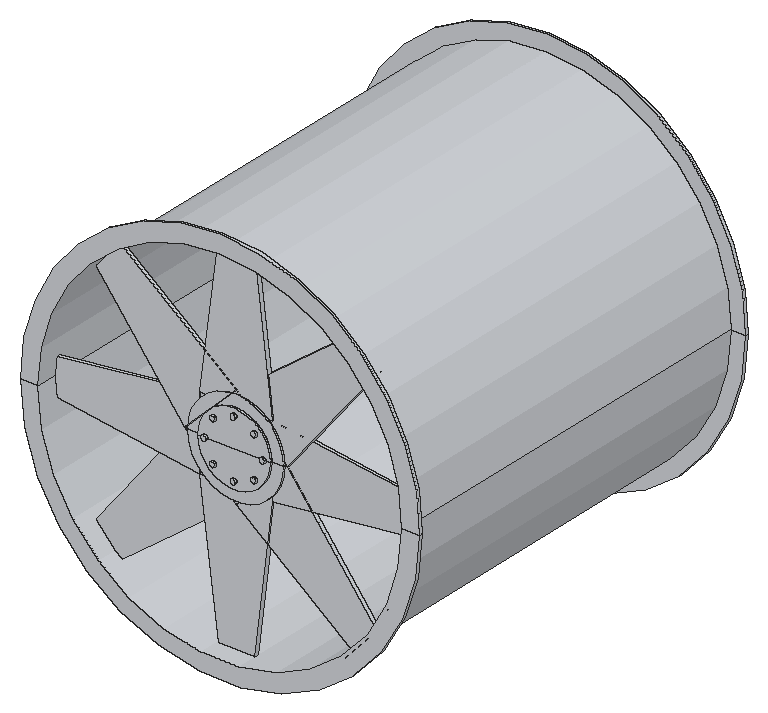
Revit family "CADS_Vent-Axia_MechEquip_Fan_BIFA_710_3Ph4P - EXTRACT", category Mechanical Equipment, Revit 2020
Family settings
  Round Connector Dimension = Use Diameter
  Part Type = Normal
  OmniClass Number = 23.75.00.00
  OmniClass Title = Climate Control (HVAC)
  Work Plane-Based = No
  Always vertical = Yes
  Cut with Voids When Loaded = No
  Shared = No
  Room Calculation Point = No
Parameters (values of type "BIFA713440")
  WorkingPressure = 0.0 Pa
  WarrantyStartDate [instance] = "1900-12-31T23:59:59"
  WarrantyPeriod = ""
  WarrantyIdentifier = "N/A"
  WarrantyGuarantorParts = "tech@vent-axia.com"
  WarrantyGuarantorLabor = "tech@vent-axia.com"
  WarrantyGuarantor = "Vent-Axia Limited"
  WarrantyEndDate [instance] = "1900-12-31T23:59:59"
  WarrantyContent = ""
  TemperatureRange = ""
  TagNumber [instance] = "N/A"
  SustainabilityPerformance = ""
  Status = "New"
  Size = ""
  Shape = ""
  ServiceLifeType = ""
  ServiceLifeDuration = ""
  SerialNumber [instance] = "N/A"
  ReplacementCost = ""
  RatedVoltage = 0 V
  RatedCurrent = 0 A
  Quantity = 1
  ProductionYear = ""
  PressureCurve = ""
  PowerFactor = ""
  PointOfContact = ""
  NumberOfPoles = 0
  NominalWidth = 710 mm
  NominalLength = 800 mm
  NominalHeight = 710 mm
  NominalFrequencyRange = ""
  NominalDiameter = 710 mm
  ModelReference = "BIF 710MM 3PH 4P 40DEG"
  ModelNumber = "BIFA713440"
  Material = ""
  ManufacturerE-Mail = "tech@vent-axia.com"
  ManufacturerAddress = "Fleming Way\nCrawley \nRH10 9YX"
  IsExtendedWarranty = no
  InsulationStandardClass = ""
  InstallationDate [instance] = "1900-12-31T23:59:59"
  IfcExportType [instance] = ""
  IfcExportAs = "IfcFanType"
  IP_Code = ""
  HasProtectiveEarth = no
  GrossWeight = 0.00 kg
  Grade = ""
  GlobalTradeItemNumber [instance] = "N/A"
  Fitting Type = "Ignore"
  Finish = ""
  Features = ""
  ExteriorInsulation = no
  ExpectedServiceLife = 0
  Exclusions = ""
  DurationUnit = "Year"
  Default Elevation = 0 mm
  Constituents = ""
  ConductorFunction = ""
  Color = ""
  CodePerformance = ""
  Category = ""
  CADS_Usage = 0
  CADS_Index = 0
  AssetType = "FIXED"
  AssetIdentifier [instance] = "N/A"
  AssemblyPlace = "UNKNOWN"
  ArticleNumber [instance] = "N/A"
  AirflowRateRange = 0.0 L/s
  Air Flow [instance] = 0.0 L/s
  AccessibilityPerformance = ""
Types (16, lengths in mm): name | ModelReference | ModelNumber
  BIFA713410 | "BIF 710MM 3PH 4P 10DEG" | "BIFA713410"
  BIFA713412 | "BIF 710MM 3PH 4P 12DEG" | "BIFA713412"
  BIFA713414 | "BIF 710MM 3PH 4P 14DEG" | "BIFA713414"
  BIFA713416 | "BIF 710MM 3PH 4P 16DEG" | "BIFA713416"
  BIFA713418 | "BIF 710MM 3PH 4P 18DEG" | "BIFA713418"
  BIFA713420 | "BIF 710MM 3PH 4P 20DEG" | "BIFA713420"
  BIFA713422 | "BIF 710MM 3PH 4P 22DEG" | "BIFA713422"
  BIFA713424 | "BIF 710MM 3PH 4P 24DEG" | "BIFA713424"
  BIFA713426 | "BIF 710MM 3PH 4P 26DEG" | "BIFA713426"
  BIFA713428 | "BIF 710MM 3PH 4P 28DEG" | "BIFA713428"
  BIFA713430 | "BIF 710MM 3PH 4P 30DEG" | "BIFA713430"
  BIFA713432 | "BIF 710MM 3PH 4P 32DEG" | "BIFA713432"
  BIFA713434 | "BIF 710MM 3PH 4P 34DEG" | "BIFA713434"
  BIFA713436 | "BIF 710MM 3PH 4P 36DEG" | "BIFA713436"
  BIFA713438 | "BIF 710MM 3PH 4P 38DEG" | "BIFA713438"
  BIFA713440 | "BIF 710MM 3PH 4P 40DEG" | "BIFA713440"
Reference planes
  plane 1 "Center (Front/Back)": y = 0
  plane 2: z = 0
  plane 3 "Center (Left/Right)": x = 0
  plane 4: x = -355
  plane 5: x = 355
  plane 6 "F": y = -400
  plane 7 "B": y = 400
  plane 8: x = -390
  plane 9: y = 395
  plane 10: y = -395
  plane 11: x = -360
  plane 12: y = -360
Forms (mm)
  Revolve 1, solid
    sketch origin (0, 0, 0) x (1, 0, 0) y (0, 1, 0)
      loop
        line (-390, -400) -> (-355, -400) -> (-355, 400) -> (-390, 400) -> (-390, 395) -> (-360, 395) -> (-360, -395) -> (-390, -395) -> (-390, -400)
      axis (0, 400) -> (0, -400)
    angle from 0 to 360
Dimensions and locks
  equal spacing: plane 4, plane 3 "Center (Left/Right)", plane 5
  equal spacing: plane 7 "B", plane 1 "Center (Front/Back)", plane 6 "F"
  "NominalLength": plane 7 "B" to plane 6 "F"
  "NominalDiameter": plane 4 to plane 5
  locked: plane 11 to plane 4 at 5
  locked: plane 8 to plane 11 at 30
  locked: plane 6 "F" to plane 10 at 5
  locked: plane 7 "B" to plane 9 at 5
  locked: plane 6 "F" to plane 12 at 40
  aligned and locked: level to plane 2
  aligned and locked: nested 1 to plane 12
Automatic sketch dimensions
  plane 6 "F" to Revolve 1 sketch curve = 0 mm
  Revolve 1 sketch curve to plane 8 = 0 mm  (x2)
  plane 10 to Revolve 1 sketch curve = 0 mm
  Revolve 1 sketch curve to plane 11 = 0 mm
  Revolve 1 sketch curve to plane 4 = 0 mm
  Revolve 1 sketch curve to plane 3 "Center (Left/Right)" = 0 mm
  plane 1 "Center (Front/Back)" to Revolve 1 sketch curve = 0 mm
  Revolve 1 sketch curve to plane 9 = 0 mm
  Revolve 1 sketch curve to plane 7 "B" = 0 mm
  plane 6 "F" to Revolve 1 sketch curve = 115 mm
Nested families
  nested 1: "Fan for BIFA" at (0, -360, 0), ND <- "NominalDiameter", type "Fan for BIFA"
    with hub 71 mm, ND 710 mm, BoltPCD 56.8 mm, Bolt Count 8, B_Diam 10 mm
  nested 2: "Bolts" at (0, -369.172, -56.8) x (-1, 0, 0) z (0, 1, 0), type "Bolts"
    with bd 10 mm
  nested 3: "Bolts" at (-40.164, -369.172, -40.164) x (-0.7071, 0, 0.7071) z (0, 1, 0), type "Bolts"
    with bd 10 mm
  nested 4: "Bolts" at (-56.8, -369.172, 0) x (0, 0, 1) z (0, 1, 0), type "Bolts"
    with bd 10 mm
  nested 5: "Bolts" at (-40.164, -369.172, 40.164) x (0.7071, 0, 0.7071) z (0, 1, 0), type "Bolts"
    with bd 10 mm
  nested 6: "Bolts" at (40.164, -369.172, 40.164) x (0.7071, 0, -0.7071) z (0, 1, 0), type "Bolts"
    with bd 10 mm
  nested 7: "Bolts" at (0, -369.172, 56.8) x (1, 0, 0) z (0, 1, 0), type "Bolts"
    with bd 10 mm
  nested 8: "BIFA Blade" at (0, -360, 0), type "BIFA Blade"
    with a 20.00°, HR 71 mm, HD 142 mm, BT 71 mm, BR 284 mm, BH 40 mm, BD 710 mm, BB 142 mm
  nested 9: "BIFA Blade" at (0, -360, 0) x (0.7071, 0, -0.7071) z (0.7071, 0, 0.7071), type "BIFA Blade"
    with a 20.00°, HR 71 mm, HD 142 mm, BT 71 mm, BR 284 mm, BH 40 mm, BD 710 mm, BB 142 mm
  nested 10: "BIFA Blade" at (0, -360, 0) x (0, 0, -1) z (1, 0, 0), type "BIFA Blade"
    with a 20.00°, HR 71 mm, HD 142 mm, BT 71 mm, BR 284 mm, BH 40 mm, BD 710 mm, BB 142 mm
  nested 11: "BIFA Blade" at (0, -360, 0) x (-0.7071, 0, -0.7071) z (0.7071, 0, -0.7071), type "BIFA Blade"
    with a 20.00°, HR 71 mm, HD 142 mm, BT 71 mm, BR 284 mm, BH 40 mm, BD 710 mm, BB 142 mm
  nested 12: "BIFA Blade" at (0, -360, 0) x (-1, 0, 0) z (0, 0, -1), type "BIFA Blade"
    with a 20.00°, HR 71 mm, HD 142 mm, BT 71 mm, BR 284 mm, BH 40 mm, BD 710 mm, BB 142 mm
  nested 13: "BIFA Blade" at (0, -360, 0) x (-0.7071, 0, -0.7071) z (-0.7071, 0, 0.7071), type "BIFA Blade"
    with a 20.00°, HR 71 mm, HD 142 mm, BT 71 mm, BR 284 mm, BH 40 mm, BD 710 mm, BB 142 mm
  nested 14: "BIFA Blade" at (0, -360, 0) x (0, 0, -1) z (-1, 0, 0), type "BIFA Blade"
    with a 20.00°, HR 71 mm, HD 142 mm, BT 71 mm, BR 284 mm, BH 40 mm, BD 710 mm, BB 142 mm
  nested 15: "BIFA Blade" at (0, -360, 0) x (0.7071, 0, -0.7071) z (-0.7071, 0, -0.7071), type "BIFA Blade"
    with a 20.00°, HR 71 mm, HD 142 mm, BT 71 mm, BR 284 mm, BH 40 mm, BD 710 mm, BB 142 mm
  nested 16: "Bolts" at (56.8, -369.172, 0) x (0, 0, -1) z (0, 1, 0), type "Bolts"
    with bd 10 mm
  nested 17: "Bolts" at (40.164, -369.172, -40.164) x (-0.7071, 0, -0.7071) z (0, 1, 0), type "Bolts"
    with bd 10 mm
Connectors
  hvac at (0, -400, 0), driven by "NominalDiameter", driven by "Air Flow"
    settings: on Revolve 1, index 1, duct flow 0.0 L/s, flow factor 0, pres drop 0.0 Pa, loss coef 0, conn angle 0.00°, conn width 304.8 mm, conn height 304.8 mm, conn diameter 710 mm, duct sys type 2, conn prof type 0, flow config 0, flow direction 1, loss method 0, conn ref index -1, conn util no, is conn primary yes, conn desc ""
  hvac at (0, 400, 0), driven by "NominalDiameter", driven by "Air Flow"
    settings: on Revolve 1, index 2, duct flow 0.0 L/s, flow factor 0, pres drop 0.0 Pa, loss coef 0, conn angle 0.00°, conn width 304.8 mm, conn height 304.8 mm, conn diameter 710 mm, duct sys type 3, conn prof type 0, flow config 1, flow direction 2, loss method 0, conn ref index -1, conn util no, is conn primary no, conn desc ""
Definition of nested family "Fan for BIFA"
  Parameters (values of type "Fan for BIFA")
    hub [instance] = ND / 10  # 50 mm
    ND [instance] = 500 mm
    Model = "."
    Default Elevation = 0 mm
    BoltPCD [instance] = hub - (hub * 0.2)  # 40 mm
    Bolt Count [instance] = if(hub < 50 mm, 6, 8)  # 8
    B_Diam [instance] = if(hub < 50 mm, 5 mm, 10 mm)  # 10 mm
  Reference planes
    plane 1 "Center (Front/Back)": y = 0
    plane 2: z = 0
    plane 3 "Center (Left/Right)": x = 0
    plane 4 "back": y = 20
    plane 5 "bolts": y = -9.172
    plane 6 "B": z = 50
    plane 7: x = -72.587
    plane 8: x = -50
    plane 9 "hubface": y = -6.172
  Forms (mm)
    Revolve 1, solid
      sketch origin (0, 0, 0) x (1, 0, 0) y (0, 1, 0)
        loop
          line (0, 20) -> (-50, 20) -> (-50, 10.504) -> (-72.587, 10.504) -> (-72.587, -2.597) -> (-50, -2.597) -> (-50, -6.172) -> (0, -6.172) -> (0, 20)
        axis (0, 20) -> (0, -6.172)
      angle from 0 to 360
    Extrusion 2, solid, not visible
      sketch origin (0, -6.347, -4) x (-1, 0, 0) y (0, 0, 1)
        loop
          circle (0, 84) r 5
      from 0 to 3
  Lines and regions (mm)
    symbolic lines
      curve 1: circle (0, -9.172, 0) r 40 normal (0, 1, 0)
    model lines, not visible
      curve 2: line (0, -6.347, 85) -> (0, -6.347, 75)
  Dimensions and locks
    "hub": plane 6 "B" to plane 2
    "hub": nested 3 to plane 3 "Center (Left/Right)"
    "hub": nested 4 to plane 3 "Center (Left/Right)"
    "hub": nested 5 to plane 3 "Center (Left/Right)"
    "hub": plane 3 "Center (Left/Right)" to nested 6
    "hub": Revolve 1 sketch curve to Revolve 1 sketch curve
    "hub": plane 3 "Center (Left/Right)" to nested 7
    "hub": plane 3 "Center (Left/Right)" to nested 8
    "hub": plane 3 "Center (Left/Right)" to nested 9
    "hub": plane 8 to plane 3 "Center (Left/Right)"
    plane 7 to plane 8 = 22.587 mm
    diameter of Extrusion 2 sketch curve = 10 mm
    "BoltPCD": radius of curve 1
    "BoltPCD": radius of radial array
    aligned and locked: level to plane 2
    aligned and locked: plane 6 "B" to nested 1
  Automatic sketch dimensions
    Revolve 1 sketch curve to plane 7 = 0 mm
    Revolve 1 sketch curve to plane 8 = 0 mm  (x2)
    Revolve 1 sketch curve to plane 3 "Center (Left/Right)" = 0 mm
    Revolve 1 sketch curve to plane 9 "hubface" = 0 mm
    plane 4 "back" to Revolve 1 sketch curve = 0 mm
    plane 1 "Center (Front/Back)" to Revolve 1 sketch curve = 2.597 mm
    plane 4 "back" to Revolve 1 sketch curve = 9.496 mm
    plane 4 "back" to Revolve 1 sketch curve = 5 mm
    Revolve 1 sketch curve to Revolve 1 sketch curve = 45 mm
    curve 1 to level = 0 mm
    curve 1 to plane 3 "Center (Left/Right)" = 0 mm
  Nested families
    nested 1: "BIFA Blade" at (0, 0, 25), BD <- "ND", HD <- "hub", type "BIFA Blade"
      with a 20.00°, HR 25 mm, HD 50 mm, BT 25 mm, BR 100 mm, BH 40 mm, BD 250 mm, BB 50 mm
    nested 2: "BIFA Blade" at (0, 0, 55), BD <- "ND", HD <- "hub", type "BIFA Blade", not visible
      with a 20.00°, HR 25 mm, HD 50 mm, BT 25 mm, BR 100 mm, BH 40 mm, BD 250 mm, BB 50 mm
    nested 3: "BIFA Blade" at (17.678, 0, 17.678) x (0.7071, 0, -0.7071) z (0.7071, 0, 0.7071), BD <- "ND", HD <- "hub", type "BIFA Blade"
      with a 20.00°, HR 25 mm, HD 50 mm, BT 25 mm, BR 100 mm, BH 40 mm, BD 250 mm, BB 50 mm
    nested 4: "BIFA Blade" at (25, 0, 0) x (0, 0, -1) z (1, 0, 0), BD <- "ND", HD <- "hub", type "BIFA Blade"
      with a 20.00°, HR 25 mm, HD 50 mm, BT 25 mm, BR 100 mm, BH 40 mm, BD 250 mm, BB 50 mm
    nested 5: "BIFA Blade" at (17.678, 0, -17.678) x (-0.7071, 0, -0.7071) z (0.7071, 0, -0.7071), BD <- "ND", HD <- "hub", type "BIFA Blade"
      with a 20.00°, HR 25 mm, HD 50 mm, BT 25 mm, BR 100 mm, BH 40 mm, BD 250 mm, BB 50 mm
    nested 6: "BIFA Blade" at (0, 0, -25) x (-1, 0, 0) z (0, 0, -1), BD <- "ND", HD <- "hub", type "BIFA Blade"
      with a 20.00°, HR 25 mm, HD 50 mm, BT 25 mm, BR 100 mm, BH 40 mm, BD 250 mm, BB 50 mm
    nested 7: "BIFA Blade" at (-17.678, 0, 17.678) x (-0.7071, 0, -0.7071) z (-0.7071, 0, 0.7071), BD <- "ND", HD <- "hub", type "BIFA Blade"
      with a 20.00°, HR 25 mm, HD 50 mm, BT 25 mm, BR 100 mm, BH 40 mm, BD 250 mm, BB 50 mm
    nested 8: "BIFA Blade" at (-25, 0, 0) x (0, 0, -1) z (-1, 0, 0), BD <- "ND", HD <- "hub", type "BIFA Blade"
      with a 20.00°, HR 25 mm, HD 50 mm, BT 25 mm, BR 100 mm, BH 40 mm, BD 250 mm, BB 50 mm
    nested 9: "BIFA Blade" at (-17.678, 0, -17.678) x (0.7071, 0, -0.7071) z (-0.7071, 0, -0.7071), BD <- "ND", HD <- "hub", type "BIFA Blade"
      with a 20.00°, HR 25 mm, HD 50 mm, BT 25 mm, BR 100 mm, BH 40 mm, BD 250 mm, BB 50 mm
    nested 10: "Bolts" at (0, -9.172, 40) x (1, 0, 0) z (0, 1, 0), bd <- "B_Diam", type "Bolts"
      with bd 10 mm
    nested 11: "Bolts" at (28.284, -9.172, 28.284) x (0.7071, 0, -0.7071) z (0, 1, 0), bd <- "B_Diam", type "Bolts"
      with bd 10 mm
    nested 12: "Bolts" at (-28.284, -9.172, 28.284) x (0.7071, 0, 0.7071) z (0, 1, 0), bd <- "B_Diam", type "Bolts"
      with bd 10 mm
    nested 13: "Bolts" at (-40, -9.172, 0) x (0, 0, 1) z (0, 1, 0), bd <- "B_Diam", type "Bolts"
      with bd 10 mm
    nested 14: "Bolts" at (-28.284, -9.172, -28.284) x (-0.7071, 0, 0.7071) z (0, 1, 0), bd <- "B_Diam", type "Bolts"
      with bd 10 mm
    nested 15: "Bolts" at (0, -9.172, -40) x (-1, 0, 0) z (0, 1, 0), bd <- "B_Diam", type "Bolts"
      with bd 10 mm
    nested 16: "Bolts" at (28.284, -9.172, -28.284) x (-0.7071, 0, -0.7071) z (0, 1, 0), bd <- "B_Diam", type "Bolts"
      with bd 10 mm
    nested 17: "Bolts" at (40, -9.172, 0) x (0, 0, -1) z (0, 1, 0), bd <- "B_Diam", type "Bolts"
      with bd 10 mm
  Definition of nested family "BIFA Blade"
    Parameters (values of type "BIFA Blade")
      a [instance] = 20.00°
      HR [instance] = HD / 2  # 30 mm
      HD [instance] = BD / 5  # 60 mm
      Default Elevation = 1219.2 mm
      BT [instance] = BD / 10  # 30 mm
      BR [instance] = (BD / 2) - HR  # 120 mm
      BH [instance] = 40 mm
      BD [instance] = 300 mm
      BB [instance] = BD / 5  # 60 mm
    Reference planes
      plane 1 "Center (Front/Back)": y = 0
      plane 2: z = 0
      plane 3 "Center (Left/Right)": x = 0
      plane 4 "Blade Bot": z = 30
      plane 5: x = -30
      plane 6: x = 30
      plane 7: x = -15
      plane 8: x = 15
    Forms (mm)
      Blend 1, solid
        base sketch origin (0, 0, 30) x (-1, 0, 0) y (0, -1, 0)
          loop
            line (30, 0) -> (-30, 0) -> (-30, -6) -> (30, -6) -> (30, 0)
        top sketch origin (0, 0, 30) x (-1, 0, 0) y (0, -1, 0)
          loop
            line (15, -6) -> (15, 0) -> (-15, 0) -> (-15, -6) -> (15, -6)
        from 0 to 120 <- "BR"
    Dimensions and locks
      "HR": plane 4 "Blade Bot" to level
      equal spacing: plane 8, plane 3 "Center (Left/Right)", plane 7
      "BT": plane 8 to plane 7
      equal spacing: plane 6, plane 3 "Center (Left/Right)", plane 5
      "BB": plane 6 to plane 5
      aligned and locked: level to plane 2
    Automatic sketch dimensions
      plane 1 "Center (Front/Back)" to Blend 1 sketch curve = 0 mm  (x2)
      Blend 1 sketch curve to plane 6 = 0 mm
      Blend 1 sketch curve to plane 5 = 0 mm
      Blend 1 sketch curve to plane 1 "Center (Front/Back)" = 6 mm  (x2)
      Blend 1 sketch curve to plane 8 = 0 mm
      Blend 1 sketch curve to plane 7 = 0 mm
  Definition of nested family "Bolts"
    Parameters
      bd [instance] = 10 mm
      Default Elevation = 1219.2 mm
    Reference planes
      plane 1 "Center (Front/Back)": y = 0
      plane 2: z = 0
      plane 3 "Center (Left/Right)": x = 0
    Forms (mm)
      Extrusion 1, solid
        sketch origin (0, 0, 0) x (1, 0, 0) y (0, 1, 0)
          loop
            line (-1219.2, 1219.2) -> (-1219.2, -1219.2) -> (1219.2, -1219.2) -> (1219.2, 1219.2) -> (-1219.2, 1219.2)
        from 0 to -304.8
      Extrusion 2, solid
        sketch origin (0, 0, 0) x (1, 0, 0) y (0, 1, 0)
          loop
            circle (0, 0) r 5
        from 0 to 3
    Dimensions and locks
      "bd": diameter of Extrusion 2 sketch curve
      aligned and locked: plane 2 to Extrusion 1
      aligned and locked: level to Extrusion 1
    Automatic sketch dimensions
      Extrusion 1 sketch curve to Extrusion 1 sketch curve = 2438.4 mm  (x2)
      plane 1 "Center (Front/Back)" to Extrusion 2 sketch curve = 0 mm
      Extrusion 2 sketch curve to plane 3 "Center (Left/Right)" = 0 mm
Definition of nested family "Bolts"
  Parameters
    bd [instance] = 10 mm
    Default Elevation = 1219.2 mm
  Reference planes
    plane 1 "Center (Front/Back)": y = 0
    plane 2: z = 0
    plane 3 "Center (Left/Right)": x = 0
  Forms (mm)
    Extrusion 1, solid
      sketch origin (0, 0, 0) x (1, 0, 0) y (0, 1, 0)
        loop
          line (-1219.2, 1219.2) -> (-1219.2, -1219.2) -> (1219.2, -1219.2) -> (1219.2, 1219.2) -> (-1219.2, 1219.2)
      from 0 to -304.8
    Extrusion 2, solid
      sketch origin (0, 0, 0) x (1, 0, 0) y (0, 1, 0)
        loop
          circle (0, 0) r 5
      from 0 to 3
  Dimensions and locks
    "bd": diameter of Extrusion 2 sketch curve
    aligned and locked: plane 2 to Extrusion 1
    aligned and locked: level to Extrusion 1
  Automatic sketch dimensions
    Extrusion 1 sketch curve to Extrusion 1 sketch curve = 2438.4 mm  (x2)
    plane 1 "Center (Front/Back)" to Extrusion 2 sketch curve = 0 mm
    Extrusion 2 sketch curve to plane 3 "Center (Left/Right)" = 0 mm
Definition of nested family "BIFA Blade"
  Parameters (values of type "BIFA Blade")
    a [instance] = 20.00°
    HR [instance] = HD / 2  # 30 mm
    HD [instance] = BD / 5  # 60 mm
    Default Elevation = 1219.2 mm
    BT [instance] = BD / 10  # 30 mm
    BR [instance] = (BD / 2) - HR  # 120 mm
    BH [instance] = 40 mm
    BD [instance] = 300 mm
    BB [instance] = BD / 5  # 60 mm
  Reference planes
    plane 1 "Center (Front/Back)": y = 0
    plane 2: z = 0
    plane 3 "Center (Left/Right)": x = 0
    plane 4 "Blade Bot": z = 30
    plane 5: x = -30
    plane 6: x = 30
    plane 7: x = -15
    plane 8: x = 15
  Forms (mm)
    Blend 1, solid
      base sketch origin (0, 0, 30) x (-1, 0, 0) y (0, -1, 0)
        loop
          line (30, 0) -> (-30, 0) -> (-30, -6) -> (30, -6) -> (30, 0)
      top sketch origin (0, 0, 30) x (-1, 0, 0) y (0, -1, 0)
        loop
          line (15, -6) -> (15, 0) -> (-15, 0) -> (-15, -6) -> (15, -6)
      from 0 to 120 <- "BR"
  Dimensions and locks
    "HR": plane 4 "Blade Bot" to level
    equal spacing: plane 8, plane 3 "Center (Left/Right)", plane 7
    "BT": plane 8 to plane 7
    equal spacing: plane 6, plane 3 "Center (Left/Right)", plane 5
    "BB": plane 6 to plane 5
    aligned and locked: level to plane 2
  Automatic sketch dimensions
    plane 1 "Center (Front/Back)" to Blend 1 sketch curve = 0 mm  (x2)
    Blend 1 sketch curve to plane 6 = 0 mm
    Blend 1 sketch curve to plane 5 = 0 mm
    Blend 1 sketch curve to plane 1 "Center (Front/Back)" = 6 mm  (x2)
    Blend 1 sketch curve to plane 8 = 0 mm
    Blend 1 sketch curve to plane 7 = 0 mm
